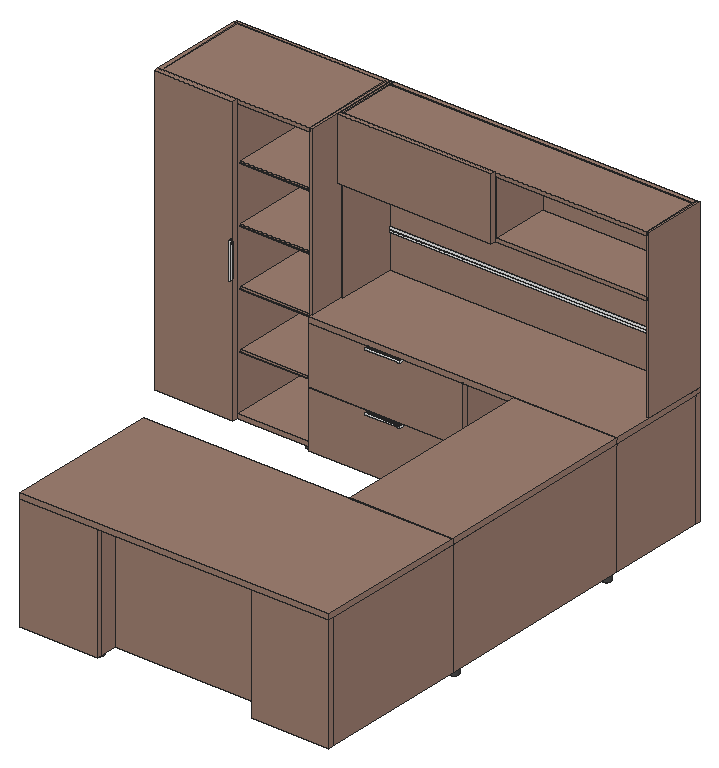
Revit family "OFS TYPICAL T100056", category Furniture, Revit 2022 (continued)
Definition of nested family "OFS APTOS Single Pedestal Breakfront Right"
  Dimensions and locks (in)
    aligned and locked: Revolve 16 to plane 47
    aligned and locked: plane 47 to Revolve 15
    aligned and locked: plane 45 to Extrusion 19
    aligned and locked: Extrusion 19 to plane 28
    aligned and locked: Extrusion 19 to plane 36
    aligned and locked: Extrusion 19 to plane 37
    aligned and locked: Extrusion 1 to plane 9
    aligned and locked: Extrusion 20 to plane 9
    aligned and locked: plane 45 to Extrusion 20
    aligned and locked: Extrusion 20 to plane 5 "Front End"
    aligned and locked: Extrusion 21 to plane 9
    aligned and locked: plane 13 to Extrusion 21
    aligned and locked: Extrusion 21 to plane 14
    aligned and locked: Extrusion 21 to plane 44
    aligned and locked: Extrusion 22 sketch curve to Extrusion 19  (x2)
    aligned and locked: Extrusion 20 sketch curve to Extrusion 20 sketch curve
    aligned and locked: Extrusion 20 sketch curve to Extrusion 19
  Automatic sketch dimensions
    Extrusion 1 sketch curve to plane 9 = 0' - 0"
    Extrusion 1 sketch curve to plane 23 = 0' - 0"
    Extrusion 1 sketch curve to plane 45 = 0' - 0"
    plane 5 "Front End" to Extrusion 2 sketch curve = 0' - 0"
    Extrusion 2 sketch curve to plane 6 "Right End" = 0' - 0"
    Extrusion 2 sketch curve to plane 10 = 0' - 0"
    plane 45 to Extrusion 2 sketch curve = 0' - 0"
    Extrusion 3 sketch curve to plane 5 "Front End" = 0' - 0"
    Extrusion 3 sketch curve to plane 31 = 0' - 0"
    Extrusion 3 sketch curve to plane 10 = 0' - 0"
    plane 45 to Extrusion 3 sketch curve = 0' - 0"
    Extrusion 4 sketch curve to plane 4 "Left End" = 0' - 0"
    Extrusion 4 sketch curve to plane 6 "Right End" = 0' - 0"
    Extrusion 4 sketch curve to plane 23 = 0' - 0"
    plane 7 "A" to Extrusion 4 sketch curve = 0' - 0"
    Extrusion 5 sketch curve to plane 5 "Front End" = 0' - 0"
    Extrusion 5 sketch curve to plane 30 = 0' - 0"
    Extrusion 5 sketch curve to plane 31 = 0' - 0"
    plane 45 to Extrusion 5 sketch curve = 0' - 0"
    Extrusion 6 sketch curve to plane 28 = 0' - 0"
    Extrusion 6 sketch curve to plane 36 = 0' - 0"
    Extrusion 6 sketch curve to plane 30 = 0' - 0"
    plane 1 "Center" to Extrusion 6 sketch curve = 0' - 0"
    plane 5 "Front End" to Extrusion 7 sketch curve = 0' - 0"
    Extrusion 7 sketch curve to plane 6 "Right End" = 0' - 0"
    plane 23 to Extrusion 7 sketch curve = 0' - 0"
    Extrusion 7 sketch curve to plane 30 = 0' - 0"
    plane 5 "Front End" to Extrusion 8 sketch curve = 0' - 0"
    Extrusion 8 sketch curve to plane 6 "Right End" = 0' - 0"
    plane 23 to Extrusion 8 sketch curve = 0' - 0"
    Extrusion 8 sketch curve to plane 30 = 0' - 0"
    Extrusion 9 sketch curve to plane 13 = 0' - 0"
    Extrusion 9 sketch curve to plane 23 = 0' - 0"
    Extrusion 9 sketch curve to plane 13 = 0' - 0.37408"
    plane 23 to Extrusion 9 sketch curve = 0' - 0.80421"
    Extrusion 9 sketch curve to Extrusion 9 sketch curve = 0' - 0.00546"
    Extrusion 9 sketch curve to Extrusion 9 sketch curve = 0' - 0.15905"  (x2)
    plane 23 to Extrusion 9 sketch curve = 0' - 0.4095"  (x2)
    Extrusion 9 sketch curve to plane 13 = 0' - 0.03843"
    plane 23 to Extrusion 9 sketch curve = 0' - 0.20556"
    plane 23 to Extrusion 9 sketch curve = 0' - 0.19887"
    Extrusion 9 sketch curve to plane 23 = 0' - 0.02468"
    Extrusion 9 sketch curve to plane 23 = 0' - 0.10528"
    Extrusion 9 sketch curve to Extrusion 9 sketch curve = 0' - 0.2612"
    Extrusion 9 sketch curve to plane 13 = 0' - 0.43678"
    Extrusion 9 sketch curve to Extrusion 9 sketch curve = 0' - 0.06095"
    Extrusion 9 sketch curve to Extrusion 9 sketch curve = 0' - 0"
    Extrusion 9 sketch curve to Extrusion 9 sketch curve = 0' - 0.01915"
    Extrusion 9 sketch curve to Extrusion 9 sketch curve = 0' - 0.18644"
    Extrusion 10 sketch curve to plane 11 = 0' - 0"
    Extrusion 10 sketch curve to plane 23 = 0' - 0"
    Extrusion 10 sketch curve to plane 11 = 0' - 0.37408"
    plane 23 to Extrusion 10 sketch curve = 0' - 0.80421"
    Extrusion 10 sketch curve to Extrusion 10 sketch curve = 0' - 0.00546"
    Extrusion 10 sketch curve to plane 11 = 0' - 0.03103"
    Extrusion 10 sketch curve to Extrusion 10 sketch curve = 0' - 0.15905"  (x2)
    plane 23 to Extrusion 10 sketch curve = 0' - 0.4095"  (x2)
    Extrusion 10 sketch curve to plane 12 = 0' - 0.27955"
    Extrusion 10 sketch curve to plane 11 = 0' - 0.03843"
    plane 23 to Extrusion 10 sketch curve = 0' - 0.19887"
    Extrusion 10 sketch curve to plane 23 = 0' - 0.02468"
    Extrusion 10 sketch curve to plane 23 = 0' - 0.10528"
    Extrusion 10 sketch curve to Extrusion 10 sketch curve = 0' - 0.2612"
    Extrusion 10 sketch curve to Extrusion 10 sketch curve = 0' - 0.40575"
    Extrusion 10 sketch curve to Extrusion 10 sketch curve = 0' - 0.06095"
    Extrusion 10 sketch curve to Extrusion 10 sketch curve = 0' - 0"
    Extrusion 10 sketch curve to Extrusion 10 sketch curve = 0' - 0.01915"
    Revolve 11 sketch curve to plane 14 = 0' - 0"
    Revolve 11 sketch curve to level = 0' - 0"
    level to Revolve 11 sketch curve = 0' - 0.28743"
    Revolve 11 sketch curve to plane 1 "Center" = 0' - 1"
    Revolve 11 sketch curve to Revolve 11 sketch curve = 0' - 0 1/2"  (x3)
    Revolve 11 sketch curve to Revolve 11 sketch curve = 0' - 0"  (x3)
    Revolve 11 sketch curve to plane 15 = 0' - 0 1/4"
    Revolve 12 sketch curve to plane 14 = 0' - 0"
    Revolve 12 sketch curve to level = 0' - 0"
    Revolve 12 sketch curve to plane 18 = 0' - 0"  (x2)
    level to Revolve 12 sketch curve = 0' - 0.28743"
    Revolve 12 sketch curve to Revolve 12 sketch curve = 0' - 0 1/2"  (x2)
    Revolve 12 sketch curve to plane 16 = 0' - 0 1/4"
    Revolve 12 sketch curve to Revolve 12 sketch curve = 0' - 0"
    level to Revolve 12 sketch curve = 0' - 0.14371"
    Revolve 12 sketch curve to plane 15 = 0' - 0 1/4"
    Revolve 13 sketch curve to plane 17 = 0' - 0"
    Revolve 13 sketch curve to level = 0' - 0"
    Revolve 13 sketch curve to plane 14 = 0' - 0"
    level to Revolve 13 sketch curve = 0' - 0.28743"
    Revolve 13 sketch curve to plane 17 = 0' - 0 1/2"
    Revolve 13 sketch curve to Revolve 13 sketch curve = 0' - 0 1/2"  (x2)
    Revolve 13 sketch curve to Revolve 13 sketch curve = 0' - 0"  (x2)
    level to Revolve 13 sketch curve = 0' - 0.14371"
    Revolve 13 sketch curve to plane 15 = 0' - 0 1/4"
    Revolve 14 sketch curve to plane 14 = 0' - 0"
    Revolve 14 sketch curve to level = 0' - 0"
    Revolve 14 sketch curve to plane 18 = 0' - 0"  (x2)
    level to Revolve 14 sketch curve = 0' - 0.28743"
    Revolve 14 sketch curve to Revolve 14 sketch curve = 0' - 0 1/2"  (x3)
    Revolve 14 sketch curve to Revolve 14 sketch curve = 0' - 0"  (x2)
    Revolve 14 sketch curve to plane 15 = 0' - 0 1/4"
    Revolve 15 sketch curve to plane 14 = 0' - 0"
    Revolve 15 sketch curve to level = 0' - 0"
    level to Revolve 15 sketch curve = 0' - 0.28743"
    Revolve 15 sketch curve to plane 1 "Center" = 0' - 1"
    Revolve 15 sketch curve to Revolve 15 sketch curve = 0' - 0 1/2"  (x3)
    Revolve 15 sketch curve to Revolve 15 sketch curve = 0' - 0"  (x2)
    Revolve 15 sketch curve to Revolve 15 sketch curve = 0' - 0.14371"
    Revolve 15 sketch curve to plane 15 = 0' - 0 1/4"
    Revolve 16 sketch curve to plane 14 = 0' - 0"
    Revolve 16 sketch curve to level = 0' - 0"
    Revolve 16 sketch curve to plane 18 = 0' - 0"  (x2)
    level to Revolve 16 sketch curve = 0' - 0.28743"
    plane 18 to Revolve 16 sketch curve = 0' - 0 1/2"
    Revolve 16 sketch curve to plane 16 = 0' - 0 1/4"
    Revolve 16 sketch curve to Revolve 16 sketch curve = 0' - 0"  (x2)
    Revolve 16 sketch curve to plane 15 = 0' - 0 1/4"
    Revolve 16 sketch curve to level = 0' - 0 1/2"
    Extrusion 17 sketch curve to plane 4 "Left End" = 0' - 0"
    Extrusion 17 sketch curve to plane 36 = 0' - 0"
    Extrusion 17 sketch curve to plane 45 = 0' - 0"
    plane 7 "A" to Extrusion 17 sketch curve = 0' - 0"
    Extrusion 18 sketch curve to plane 30 = 0' - 0"
    Extrusion 18 sketch curve to plane 6 "Right End" = 0' - 0"
    plane 45 to Extrusion 18 sketch curve = 0' - 0"
    plane 7 "A" to Extrusion 18 sketch curve = 0' - 0"
    Extrusion 19 sketch curve to plane 28 = 0' - 0"
    Extrusion 19 sketch curve to plane 36 = 0' - 0"
    Extrusion 19 sketch curve to plane 37 = 0' - 0"
    Extrusion 19 sketch curve to plane 45 = 0' - 0"
    Extrusion 21 sketch curve to plane 5 "Front End" = 0' - 0"
    Extrusion 21 sketch curve to plane 44 = 0' - 0"
    Extrusion 21 sketch curve to plane 9 = 0' - 0"
    Extrusion 21 sketch curve to plane 23 = 0' - 0"
    Extrusion 22 sketch curve to plane 9 = 0' - 0"
    Extrusion 22 sketch curve to plane 5 "Front End" = 0' - 0"
    Extrusion 22 sketch curve to plane 44 = 0' - 0"
    Extrusion 22 sketch curve to plane 28 = 0' - 0"
    Extrusion 20 sketch curve to plane 9 = 0' - 0"
    Extrusion 20 sketch curve to plane 5 "Front End" = 0' - 0"
    Extrusion 20 sketch curve to plane 45 = 0' - 0"
    Extrusion 20 sketch curve to plane 44 = 0' - 0"
    Extrusion 20 sketch curve to plane 28 = 0' - 0"
Definition of nested family "APTOS TALL OPEN STORAGE WITH HINGED DOOR 24IN DEPTH"
  Parameters (values of type "APTOS TALL OPEN STORAGE WITH HINGED DOOR 36" Wide 24" Planning Depth Single Hinged Door Right")
    Width = 3' - 0"
    URL = "http://ofsbrands.com"
    Handle Lengh = 0' - 8 1/4"
    Half Door Right = yes
    Half Door Left = no
    Half Door = yes
    Door Handle Material = none
    Default Elevation = 0' - 0"
    Board Thick Door = 0' - 1 1/8"
    Depth = 1' - 11 7/8"
    Board Material = none
    Model = "34-3668RSC1"
    Manufacturer = "OFS"
    Leg Caps Material = none
    Leg Offset = 0' - 2"
    Board Thick Internal = 0' - 0 3/4"
    Height = 5' - 8 1/4"
    Description = "OFS BRANDS OFS APTOS TALL OPEN STORAGE WITH HINGED DOOR 36\" Wide 24\" Planning Depth Single Hinged Door Right with Optional Pull, Coat Hook or Hang Rod,Three Adjustable 1\" Thick Shelves with Beveled Edge and One Fixed Shelf per Section"
    Copyright © = "© OFS BRANDS 2017"
    Catalog = "APTOS http://ofsbrands.com/products/casegoods/private-office/aptos"
    Bottom Board Offset = 0' - 1 1/2"
    Board Thick Top and Bot = 0' - 1"
    Board Thick Shelfs = 0' - 1"
    Board Thick Sides = 0' - 0 3/4"
    Board Thick Front = 0' - 0 3/4"
    Board Thick Back = 0' - 0 3/4"
    Authoring Version = "Autodesk Revit Architecture 2013"
    Assembly Code = "E2020200"
  Types (7): name | Width | Half Door Right | Half Door Left | Model | Description
    (no name) | 3' - 0" | yes | no | "34-3668RSC1" | "OFS BRANDS OFS APTOS TALL OPEN STORAGE WITH HINGED DOOR 36\" Wide 24\" Planning Depth Single Hinged Door Right with Optional Pull, Coat Hook or Hang Rod,Three Adjustable 1\" Thick Shelves with Beveled Edge and One Fixed Shelf per Section"
    APTOS TALL OPEN STORAGE WITH HINGED DOOR 36" Wide 24" Planning Depth Single Hinged Door Left | 3' - 0" | no | yes | "34-3668LSC1" | "OFS BRANDS OFS APTOS TALL OPEN STORAGE WITH HINGED DOOR 36\" Wide 24\" Planning Depth Single Hinged Door Left with Optional Pull, Coat Hook or Hang Rod,Three Adjustable 1\" Thick Shelves with Beveled Edge and One Fixed Shelf per Section"
    APTOS TALL OPEN STORAGE WITH HINGED DOOR 30" Wide 24" Planning Depth Single Hinged Door Left | 2' - 6" | no | yes | "34-3068LSC1" | "OFS BRANDS OFS APTOS TALL OPEN STORAGE WITH HINGED DOOR 30\" Wide 24\" Planning Depth Single Hinged Door Left with Optional Pull, Coat Hook or Hang Rod,Three Adjustable 1\" Thick Shelves with Beveled Edge and One Fixed Shelf per Section"
    APTOS TALL OPEN STORAGE WITH HINGED DOOR 24" Wide 24" Planning Depth Single Hinged Door Left | 2' - 0" | no | yes | "34-2468LSC1" | "OFS BRANDS OFS APTOS TALL OPEN STORAGE WITH HINGED DOOR 24\" Wide 24\" Planning Depth Single Hinged Door Left with Optional Pull, Coat Hook or Hang Rod,Three Adjustable 1\" Thick Shelves with Beveled Edge and One Fixed Shelf per Section"
    APTOS TALL OPEN STORAGE WITH HINGED DOOR 36" Wide 24" Planning Depth Single Hinged Door Right | 3' - 0" | yes | no | "34-3668RSC1" | "OFS BRANDS OFS APTOS TALL OPEN STORAGE WITH HINGED DOOR 36\" Wide 24\" Planning Depth Single Hinged Door Right with Optional Pull, Coat Hook or Hang Rod,Three Adjustable 1\" Thick Shelves with Beveled Edge and One Fixed Shelf per Section"
    APTOS TALL OPEN STORAGE WITH HINGED DOOR 30" Wide 24" Planning Depth Single Hinged Door Right | 2' - 6" | yes | no | "34-3068RSC1" | "OFS BRANDS OFS APTOS TALL OPEN STORAGE WITH HINGED DOOR 30\" Wide 24\" Planning Depth Single Hinged Door Right with Optional Pull, Coat Hook or Hang Rod,Three Adjustable 1\" Thick Shelves with Beveled Edge and One Fixed Shelf per Section"
    APTOS TALL OPEN STORAGE WITH HINGED DOOR 24" Wide 24" Planning Depth Single Hinged Door Right | 2' - 0" | yes | no | "34-2468RSC1" | "OFS BRANDS OFS APTOS TALL OPEN STORAGE WITH HINGED DOOR 24\" Wide 24\" Planning Depth Single Hinged Door Right with Optional Pull, Coat Hook or Hang Rod,Three Adjustable 1\" Thick Shelves with Beveled Edge and One Fixed Shelf per Section"
  Reference planes (in)
    plane 1 "Center Front/Back": y = 0
    plane 2: z = 0
    plane 3 "Center Left/Right": x = 0
    plane 4 "Left End": x = -18
    plane 5 "Front End": y = -22.75
    plane 6 "Right End": x = 18
    plane 7 "Back End": y = 0
    plane 8 "Height Top": z = 68.25
    plane 9: x = -17.25
    plane 10: x = 17.25
    plane 11: z = 14.65
    plane 12: z = 15.65
    plane 13: z = 67.25
    plane 14: z = 1.5
    plane 15: z = 2.5
    plane 16: y = -22
    plane 17: y = -2
    plane 18: y = -2
    plane 19: y = -20.75
    plane 20: y = -20.75
    plane 21: x = -16
    plane 22: x = 16
    plane 23: x = 16
    plane 24: x = -16
    plane 25: x = -0.375
    plane 26: x = 0.375
    plane 27: y = -23.875
    plane 28: y = -0.75
    plane 29: z = 27.8
    plane 30: z = 28.8
    plane 31: z = 40.95
    plane 32: z = 41.95
    plane 33: z = 54.1
    plane 34: z = 55.1
  Forms (in)
    Extrusion 1, solid, material <- "Board Material"
      sketch origin (0, 0, 0) x (1, 0, 0) y (0, 1, 0)
        loop
          line (-18, -0.75) -> (-18, -22.75) -> (-17.25, -22.75) -> (-17.25, -0.75) -> (-18, -0.75)
      from 1.5 to 68.25
    Extrusion 2, solid, material <- "Board Material"
      sketch origin (0, 0, 0) x (-1, 0, 0) y (0, -1, 0)
        loop
          line (-18, 0.75) -> (-17.25, 0.75) -> (-17.25, 22.75) -> (-18, 22.75) -> (-18, 0.75)
      from 1.5 to 68.25
    Extrusion 3, solid, material <- "Board Material"
      sketch origin (0, 0, 0) x (1, 0, 0) y (0, 1, 0)
        loop
          line (-17.25, -0.75) -> (-17.25, -22.75) -> (17.25, -22.75) -> (17.25, -0.75) -> (-17.25, -0.75)
      from 1.5 to 2.5
    Extrusion 4, solid, material <- "Board Material"
      sketch origin (0, 0, 0) x (1, 0, 0) y (0, 1, 0)
        loop
          line (-17.25, -0.75) -> (-17.25, -22.75) -> (17.25, -22.75) -> (17.25, -0.75) -> (-17.25, -0.75)
      from 67.25 to 68.25
    Revolve 5, solid, material <- "Leg Caps Material"
      sketch origin (0, -2, 0) x (-1, 0, 0) y (0, 0, 1)
        loop
          line (15, 0.28743) -> (15.5, 0.28743)
          arc (15.5, 0.28743) -> (15.35629, 0.14371) -> (15.5, 0) r 0.14371
          line (15.5, 0) -> (16, 0) -> (16, 1.5) -> (15, 1.5) -> (15, 0.28743)
        axis (16, 1.5) -> (16, 0)
      angle from 0 to 360
    Revolve 6, solid, material <- "Leg Caps Material"
      sketch origin (0, -2, 0) x (1, 0, 0) y (0, 0, -1)
        loop
          line (15, -0.28743) -> (15, -1.5) -> (16, -1.5) -> (16, 0) -> (15.5, 0)
          arc (15.5, 0) -> (15.35629, -0.14371) -> (15.5, -0.28743) r 0.14371
          line (15.5, -0.28743) -> (15, -0.28743)
        axis (16, -1.5) -> (16, 0)
      angle from 0 to 360
    Revolve 7, solid, material <- "Leg Caps Material"
      sketch origin (0, -20.75, 0) x (-1, 0, 0) y (0, 0, -1)
        loop
          line (15, -0.28743) -> (15, -1.5) -> (16, -1.5) -> (16, 0) -> (15.5, 0)
          arc (15.5, 0) -> (15.35629, -0.14371) -> (15.5, -0.28743) r 0.14371
          line (15.5, -0.28743) -> (15, -0.28743)
        axis (16, -1.5) -> (16, 0)
      angle from 0 to 360
    Revolve 8, solid, material <- "Leg Caps Material"
      sketch origin (0, -20.75, 0) x (1, 0, 0) y (0, 0, 1)
        loop
          line (15, 0.28743) -> (15.5, 0.28743)
          arc (15.5, 0.28743) -> (15.35629, 0.14371) -> (15.5, 0) r 0.14371
          line (15.5, 0) -> (16, 0) -> (16, 1.5) -> (15, 1.5) -> (15, 0.28743)
        axis (16, 1.5) -> (16, 0)
      angle from 0 to 360
    Extrusion 9, solid, material <- "Board Material"
      sketch origin (0, 0, 0) x (1, 0, 0) y (0, 1, 0)
        loop
          line (-0.375, -0.75) -> (-0.375, -22.75) -> (0.375, -22.75) -> (0.375, -0.75) -> (-0.375, -0.75)
      from 2.5 to 67.25
    Extrusion 10, solid, material <- "Board Material", visible <- "Half Door Left"
      sketch origin (0, 0, 0) x (1, 0, 0) y (0, 1, 0)
        loop
          line (0.375, -22.75) -> (-18, -22.75) -> (-18, -23.875) -> (0.375, -23.875) -> (0.375, -22.75)
      from 1.5 to 68.25
    Extrusion 11, solid, material <- "Board Material"
      sketch origin (0, 27.875, 0) x (1, 0, 0) y (0, 1, 0)
        loop
          line (-18, -27.875) -> (-18, -28.625) -> (18, -28.625) -> (18, -27.875) -> (-18, -27.875)
      from 1.5 to 68.25
    Extrusion 12, solid, material <- "Board Material", visible <- "Half Door Right"
      sketch origin (0, 0, -0.0375) x (0, 1, 0) y (0, 0, 1)
        loop
          line (-0.75, 15.6875) -> (-22, 15.6875) -> (-22, 15.1875) -> (-21.5, 14.6875) -> (-0.75, 14.6875) -> (-0.75, 15.6875)
      from -17.25 to -0.375
    Extrusion 13, solid, material <- "Board Material", visible <- "Half Door Right"
      sketch origin (0, 0, 0) x (1, 0, 0) y (0, 1, 0)
        loop
          line (18, -22.75) -> (-0.375, -22.75) -> (-0.375, -23.875) -> (18, -23.875) -> (18, -22.75)
      from 1.5 to 68.25
    Extrusion 14, solid, material <- "Board Material", visible <- "Half Door Left"
      sketch origin (0, 0, -0.0375) x (0, 1, 0) y (0, 0, 1)
        loop
          line (-0.75, 15.6875) -> (-22, 15.6875) -> (-22, 15.1875) -> (-21.5, 14.6875) -> (-0.75, 14.6875) -> (-0.75, 15.6875)
      from 0.375 to 17.25
    Extrusion 15, solid, material <- "Board Material", visible <- "Half Door Right"
      sketch origin (0, 0, 13.1125) x (0, 1, 0) y (0, 0, 1)
        loop
          line (-0.75, 15.6875) -> (-22, 15.6875) -> (-22, 15.1875) -> (-21.5, 14.6875) -> (-0.75, 14.6875) -> (-0.75, 15.6875)
      from -17.25 to -0.375
    Extrusion 16, solid, material <- "Board Material", visible <- "Half Door Left"
      sketch origin (0, 0, 13.1125) x (0, 1, 0) y (0, 0, 1)
        loop
          line (-0.75, 15.6875) -> (-22, 15.6875) -> (-22, 15.1875) -> (-21.5, 14.6875) -> (-0.75, 14.6875) -> (-0.75, 15.6875)
      from 0.375 to 17.25
    Extrusion 17, solid, material <- "Board Material", visible <- "Half Door Right"
      sketch origin (0, 0, 26.2625) x (0, 1, 0) y (0, 0, 1)
        loop
          line (-0.75, 15.6875) -> (-22, 15.6875) -> (-22, 15.1875) -> (-21.5, 14.6875) -> (-0.75, 14.6875) -> (-0.75, 15.6875)
      from -17.25 to -0.375
    Extrusion 18, solid, material <- "Board Material", visible <- "Half Door Left"
      sketch origin (0, 0, 26.2625) x (0, 1, 0) y (0, 0, 1)
        loop
          line (-0.75, 15.6875) -> (-22, 15.6875) -> (-22, 15.1875) -> (-21.5, 14.6875) -> (-0.75, 14.6875) -> (-0.75, 15.6875)
      from 0.375 to 17.25
    Extrusion 19, solid, material <- "Board Material", visible <- "Half Door Right"
      sketch origin (0, 0, 39.4125) x (0, 1, 0) y (0, 0, 1)
        loop
          line (-0.75, 15.6875) -> (-22, 15.6875) -> (-22, 15.1875) -> (-21.5, 14.6875) -> (-0.75, 14.6875) -> (-0.75, 15.6875)
      from -17.25 to -0.375
    Extrusion 20, solid, material <- "Board Material", visible <- "Half Door Left"
      sketch origin (0, 0, 39.4125) x (0, 1, 0) y (0, 0, 1)
        loop
          line (-0.75, 15.6875) -> (-22, 15.6875) -> (-22, 15.1875) -> (-21.5, 14.6875) -> (-0.75, 14.6875) -> (-0.75, 15.6875)
      from 0.375 to 17.25
    Extrusion 21, solid, material <- "Door Handle Material", visible <- "Half Door Left"
      sketch origin (-1.27047, -3, 0) x (1, 0, 0) y (0, 1, 0)
        loop
          arc (1.27755, -21.67707) -> (1.46398, -21.8635) -> (1.65042, -21.67707) r 0.18644
          arc (1.65042, -21.67707) -> (1.63824, -21.56084) -> (1.60223, -21.44966) r 0.56062
          arc (1.60223, -21.44966) -> (1.56017, -21.1973) -> (1.64547, -20.95609) r 0.512
          line (1.64547, -20.95609) -> (1.64547, -20.875) -> (1.28249, -20.875) -> (1.28249, -20.95609)
          arc (1.28249, -20.95609) -> (1.36779, -21.1973) -> (1.32574, -21.44966) r 0.512
          arc (1.32574, -21.44966) -> (1.28973, -21.56084) -> (1.27755, -21.67707) r 0.56062
      from 31.17725 to 39.4335
    Extrusion 22, solid, material <- "Door Handle Material", visible <- "Half Door Right"
      sketch origin (1.27047, -3, 0) x (-1, 0, 0) y (0, -1, 0)
        loop
          arc (1.27755, 21.67707) -> (1.28973, 21.56084) -> (1.32574, 21.44966) r 0.56062
          arc (1.32574, 21.44966) -> (1.36779, 21.1973) -> (1.28249, 20.95609) r 0.512
          line (1.28249, 20.95609) -> (1.28249, 20.875) -> (1.64547, 20.875) -> (1.64547, 20.95609)
          arc (1.64547, 20.95609) -> (1.56017, 21.1973) -> (1.60223, 21.44966) r 0.512
          arc (1.60223, 21.44966) -> (1.63824, 21.56084) -> (1.65042, 21.67707) r 0.56062
          arc (1.65042, 21.67707) -> (1.46398, 21.8635) -> (1.27755, 21.67707) r 0.18644
      from 31.17725 to 39.4335
  Dimensions and locks (in)
    equal spacing: plane 4 "Left End", plane 3 "Center Left/Right", plane 6 "Right End"
    "Width": plane 4 "Left End" to plane 6 "Right End"
    "Height": plane 8 "Height Top" to level
    "Board Thick Sides": plane 4 "Left End" to plane 9
    "Board Thick Sides": plane 10 to plane 6 "Right End"
    "Board Thick Top and Bot": plane 8 "Height Top" to plane 13
    "Board Thick Shelfs": plane 12 to plane 11
    "Board Thick Top and Bot": plane 15 to plane 14
    "Bottom Board Offset": plane 14 to level
    "Board Thick Front": plane 16 to plane 5 "Front End"
    "Leg Offset": plane 19 to plane 5 "Front End"
    "Leg Offset": plane 20 to plane 5 "Front End"
    "Leg Offset": plane 17 to plane 7 "Back End"
    "Leg Offset": plane 18 to plane 7 "Back End"
    "Leg Offset": plane 4 "Left End" to plane 21
    "Leg Offset": plane 22 to plane 6 "Right End"
    "Leg Offset": plane 23 to plane 6 "Right End"
    "Leg Offset": plane 4 "Left End" to plane 24
    "Board Thick Internal": plane 25 to plane 26
    "Board Thick Door": plane 27 to plane 5 "Front End"
    "Board Thick Back": plane 28 to plane 1 "Center Front/Back"
    "Depth": plane 27 to plane 1 "Center Front/Back"
    equal spacing: plane 25, plane 3 "Center Left/Right", plane 26
    "Board Thick Shelfs": plane 30 to plane 29
    "Board Thick Shelfs": plane 32 to plane 31
    "Board Thick Shelfs": plane 34 to plane 33
    equal spacing: plane 8 "Height Top", plane 34, plane 32, plane 30, plane 12, plane 15
    aligned and locked: level to plane 2
    aligned and locked: plane 5 "Front End" to Extrusion 1 sketch curve
    aligned and locked: plane 4 "Left End" to Extrusion 1 sketch curve
    aligned and locked: Extrusion 1 sketch curve to plane 9
    aligned and locked: Extrusion 2 to plane 5 "Front End"
    aligned and locked: plane 10 to Extrusion 2
    aligned and locked: Extrusion 2 to plane 6 "Right End"
    aligned and locked: plane 14 to Extrusion 2
    aligned and locked: plane 10 to Extrusion 3 sketch curve
    aligned and locked: Extrusion 3 sketch curve to plane 9
    aligned and locked: plane 18 to Revolve 5
    aligned and locked: Revolve 6 to plane 17
    aligned and locked: plane 20 to Revolve 8
    aligned and locked: Revolve 7 to plane 19
    aligned and locked: Extrusion 9 sketch curve to plane 25
    aligned and locked: plane 26 to Extrusion 9 sketch curve
    aligned and locked: Extrusion 9 to plane 5 "Front End"
    aligned and locked: Extrusion 10 sketch curve to plane 27
    aligned and locked: plane 5 "Front End" to Extrusion 10 sketch curve
    aligned and locked: Extrusion 10 sketch curve to plane 4 "Left End"
    aligned and locked: Extrusion 10 to plane 26
    aligned and locked: Extrusion 11 to plane 4 "Left End"
    aligned and locked: Extrusion 11 to plane 6 "Right End"
    aligned and locked: Extrusion 11 to plane 14
    aligned and locked: plane 12 to Extrusion 12
    aligned and locked: Extrusion 12 to plane 11
    aligned and locked: plane 16 to Extrusion 12
    aligned and locked: Extrusion 3 to plane 15
    aligned and locked: Extrusion 10 to plane 14
    aligned and locked: Extrusion 3 to plane 14
    aligned and locked: Extrusion 9 to plane 15
    aligned and locked: plane 13 to Extrusion 9
    aligned and locked: plane 8 "Height Top" to Extrusion 4
    aligned and locked: Extrusion 4 to plane 13
    aligned and locked: Extrusion 12 to plane 9
    aligned and locked: Extrusion 12 to plane 25
    aligned and locked: Extrusion 13 to plane 25
    aligned and locked: Extrusion 13 to plane 6 "Right End"
    aligned and locked: Extrusion 13 to plane 14
    aligned and locked: Extrusion 14 to plane 10
    aligned and locked: Extrusion 14 sketch curve to plane 12
    aligned and locked: plane 11 to Extrusion 14 sketch curve
    aligned and locked: Extrusion 14 sketch curve to plane 16
    aligned and locked: plane 26 to Extrusion 14
    aligned and locked: Extrusion 11 to plane 28
    aligned and locked: Extrusion 11 to plane 1 "Center Front/Back"
    aligned and locked: Extrusion 14 to plane 28
    aligned and locked: plane 28 to Extrusion 12
    aligned and locked: plane 28 to Extrusion 9
    aligned and locked: Extrusion 1 to plane 14
    aligned and locked: plane 30 to Extrusion 15
    aligned and locked: Extrusion 15 to plane 29
    aligned and locked: Extrusion 16 sketch curve to plane 30
    aligned and locked: plane 29 to Extrusion 16 sketch curve
    aligned and locked: plane 32 to Extrusion 17
    aligned and locked: Extrusion 17 to plane 31
    aligned and locked: Extrusion 18 sketch curve to plane 32
    aligned and locked: plane 31 to Extrusion 18 sketch curve
    aligned and locked: plane 34 to Extrusion 19
    aligned and locked: Extrusion 19 to plane 33
    aligned and locked: Extrusion 20 sketch curve to plane 34
    aligned and locked: plane 33 to Extrusion 20 sketch curve
    aligned and locked: plane 26 to Extrusion 16
    aligned and locked: plane 26 to Extrusion 18
    aligned and locked: plane 26 to Extrusion 20
    aligned and locked: plane 25 to Extrusion 19
    aligned and locked: plane 25 to Extrusion 17
    aligned and locked: plane 25 to Extrusion 15
    aligned and locked: Extrusion 16 to plane 10
    aligned and locked: Extrusion 18 to plane 10
    aligned and locked: Extrusion 20 to plane 10
    aligned and locked: Extrusion 19 to plane 9
    aligned and locked: Extrusion 17 to plane 9
    aligned and locked: Extrusion 15 to plane 9
    aligned and locked: plane 28 to Extrusion 1
    aligned and locked: Extrusion 2 to plane 28
    aligned and locked: plane 8 "Height Top" to Extrusion 11
    aligned and locked: Extrusion 4 to plane 9
    aligned and locked: Extrusion 4 to plane 10
    aligned and locked: Extrusion 4 to plane 28
    aligned and locked: Extrusion 4 to plane 5 "Front End"
    aligned and locked: plane 8 "Height Top" to Extrusion 13
    aligned and locked: plane 8 "Height Top" to Extrusion 10
    aligned and locked: plane 8 "Height Top" to Extrusion 2
    aligned and locked: plane 8 "Height Top" to Extrusion 1
    aligned and locked: Extrusion 3 to plane 28
  Automatic sketch dimensions
    Extrusion 1 sketch curve to plane 28 = 0' - 0"
    Extrusion 2 sketch curve to plane 5 "Front End" = 0' - 0"
    Extrusion 2 sketch curve to plane 6 "Right End" = 0' - 0"
    Extrusion 2 sketch curve to plane 10 = 0' - 0"
    plane 28 to Extrusion 2 sketch curve = 0' - 0"
    Extrusion 3 sketch curve to plane 5 "Front End" = 0' - 0"
    Extrusion 3 sketch curve to plane 28 = 0' - 0"
    Extrusion 4 sketch curve to plane 5 "Front End" = 0' - 0"
    Extrusion 4 sketch curve to plane 9 = 0' - 0"
    Extrusion 4 sketch curve to plane 10 = 0' - 0"
    Extrusion 4 sketch curve to plane 28 = 0' - 0"
    Revolve 5 sketch curve to plane 14 = 0' - 0"
    Revolve 5 sketch curve to level = 0' - 0"
    plane 21 to Revolve 5 sketch curve = 0' - 0"  (x2)
    level to Revolve 5 sketch curve = 0' - 0.28743"
    Revolve 5 sketch curve to Revolve 5 sketch curve = 0' - 0 1/2"  (x3)
    Revolve 5 sketch curve to Revolve 5 sketch curve = 0' - 0"
    level to Revolve 5 sketch curve = 0' - 0.14371"
    Revolve 5 sketch curve to plane 15 = 0' - 0 1/4"
    Revolve 6 sketch curve to plane 14 = 0' - 0"
    Revolve 6 sketch curve to level = 0' - 0"
    Revolve 6 sketch curve to plane 22 = 0' - 0"  (x2)
    level to Revolve 6 sketch curve = 0' - 0.28743"
    Revolve 6 sketch curve to plane 22 = 0' - 0 1/2"
    Revolve 6 sketch curve to Revolve 6 sketch curve = 0' - 0 1/2"
    Revolve 6 sketch curve to Revolve 6 sketch curve = 0' - 0"  (x2)
    Revolve 6 sketch curve to plane 15 = 0' - 0 1/4"
    Revolve 6 sketch curve to level = 0' - 0 1/2"
    Revolve 7 sketch curve to plane 14 = 0' - 0"
    Revolve 7 sketch curve to level = 0' - 0"
    plane 21 to Revolve 7 sketch curve = 0' - 0"  (x2)
    level to Revolve 7 sketch curve = 0' - 0.28743"
    Revolve 7 sketch curve to plane 21 = 0' - 0 1/2"
    Revolve 7 sketch curve to Revolve 7 sketch curve = 0' - 0 1/2"
    Revolve 7 sketch curve to Revolve 7 sketch curve = 0' - 0"  (x2)
    Revolve 7 sketch curve to plane 15 = 0' - 0 1/4"
    Revolve 7 sketch curve to level = 0' - 0 1/2"
    Revolve 8 sketch curve to plane 14 = 0' - 0"
    Revolve 8 sketch curve to level = 0' - 0"
    Revolve 8 sketch curve to plane 22 = 0' - 0"  (x2)
    level to Revolve 8 sketch curve = 0' - 0.28743"
    Revolve 8 sketch curve to plane 22 = 0' - 0 1/2"
    Revolve 8 sketch curve to Revolve 8 sketch curve = 0' - 0 1/2"  (x2)
    Revolve 8 sketch curve to Revolve 8 sketch curve = 0' - 0"
    level to Revolve 8 sketch curve = 0' - 0.14371"
    Revolve 8 sketch curve to plane 15 = 0' - 0 1/4"
    Extrusion 9 sketch curve to plane 5 "Front End" = 0' - 0"
    Extrusion 9 sketch curve to plane 28 = 0' - 0"
    Extrusion 10 sketch curve to plane 26 = 0' - 0"
    Extrusion 11 sketch curve to plane 4 "Left End" = 0' - 0"
    Extrusion 11 sketch curve to plane 6 "Right End" = 0' - 0"
    Extrusion 11 sketch curve to plane 28 = 0' - 0"
    plane 1 "Center Front/Back" to Extrusion 11 sketch curve = 0' - 0"
    Extrusion 12 sketch curve to plane 12 = 0' - 0"
    Extrusion 12 sketch curve to plane 16 = 0' - 0"
    Extrusion 12 sketch curve to plane 11 = 0' - 0"
    Extrusion 12 sketch curve to plane 28 = 0' - 0"
    plane 11 to Extrusion 12 sketch curve = 0' - 0 1/2"
    Extrusion 12 sketch curve to plane 16 = 0' - 0 1/2"
    Extrusion 13 sketch curve to plane 5 "Front End" = 0' - 0"
    Extrusion 13 sketch curve to plane 25 = 0' - 0"
    Extrusion 13 sketch curve to plane 6 "Right End" = 0' - 0"
    plane 27 to Extrusion 13 sketch curve = 0' - 0"
    Extrusion 14 sketch curve to plane 28 = 0' - 0"
    plane 11 to Extrusion 14 sketch curve = 0' - 0 1/2"
    Extrusion 14 sketch curve to plane 16 = 0' - 0 1/2"
    Extrusion 15 sketch curve to plane 16 = 0' - 0"
    Extrusion 15 sketch curve to plane 29 = 0' - 0"
    Extrusion 15 sketch curve to plane 28 = 0' - 0"
    Extrusion 15 sketch curve to plane 30 = 0' - 0"
    Extrusion 15 sketch curve to plane 16 = 0' - 0 1/2"
    plane 29 to Extrusion 15 sketch curve = 0' - 0 1/2"
    Extrusion 16 sketch curve to plane 16 = 0' - 0"
    Extrusion 16 sketch curve to plane 28 = 0' - 0"
    plane 29 to Extrusion 16 sketch curve = 0' - 0 1/2"
    Extrusion 16 sketch curve to plane 16 = 0' - 0 1/2"
    Extrusion 17 sketch curve to plane 16 = 0' - 0"
    Extrusion 17 sketch curve to plane 31 = 0' - 0"
    Extrusion 17 sketch curve to plane 28 = 0' - 0"
    Extrusion 17 sketch curve to plane 32 = 0' - 0"
    Extrusion 17 sketch curve to plane 16 = 0' - 0 1/2"
    plane 31 to Extrusion 17 sketch curve = 0' - 0 1/2"
    Extrusion 18 sketch curve to plane 16 = 0' - 0"
    Extrusion 18 sketch curve to plane 28 = 0' - 0"
    plane 31 to Extrusion 18 sketch curve = 0' - 0 1/2"
    Extrusion 18 sketch curve to plane 16 = 0' - 0 1/2"
    Extrusion 19 sketch curve to plane 16 = 0' - 0"
    Extrusion 19 sketch curve to plane 33 = 0' - 0"
    Extrusion 19 sketch curve to plane 28 = 0' - 0"
    Extrusion 19 sketch curve to plane 34 = 0' - 0"
    Extrusion 19 sketch curve to plane 16 = 0' - 0 1/2"
    plane 33 to Extrusion 19 sketch curve = 0' - 0 1/2"
    Extrusion 20 sketch curve to plane 16 = 0' - 0"
    Extrusion 20 sketch curve to plane 28 = 0' - 0"
    plane 33 to Extrusion 20 sketch curve = 0' - 0 1/2"
    Extrusion 20 sketch curve to plane 16 = 0' - 0 1/2"
    plane 27 to Extrusion 21 sketch curve = 0' - 0"
    Extrusion 21 sketch curve to plane 26 = 0' - 0"
    plane 3 "Center Left/Right" to Extrusion 21 sketch curve = 0' - 0.01203"
    plane 27 to Extrusion 21 sketch curve = 0' - 0.08109"
    Extrusion 21 sketch curve to plane 25 = 0' - 0.03772"
    Extrusion 21 sketch curve to plane 3 "Center Left/Right" = 0' - 0.18068"
    plane 3 "Center Left/Right" to Extrusion 21 sketch curve = 0' - 0.00708"
    Extrusion 21 sketch curve to Extrusion 21 sketch curve = 0' - 0"  (x4)
    plane 3 "Center Left/Right" to Extrusion 21 sketch curve = 0' - 0.05527"
    plane 26 to Extrusion 21 sketch curve = 0' - 0.18149"
    plane 26 to Extrusion 21 sketch curve = 0' - 0.04324"
    Extrusion 21 sketch curve to Extrusion 21 sketch curve = 0' - 0.18775"
    plane 27 to Extrusion 21 sketch curve = 0' - 0.36698"
    plane 27 to Extrusion 22 sketch curve = 0' - 0"
    Extrusion 22 sketch curve to plane 25 = 0' - 0"
    plane 27 to Extrusion 22 sketch curve = 0' - 0.08109"
    Extrusion 22 sketch curve to plane 3 "Center Left/Right" = 0' - 0.01203"
    Extrusion 22 sketch curve to plane 26 = 0' - 0.03772"
    plane 3 "Center Left/Right" to Extrusion 22 sketch curve = 0' - 0.18068"
    Extrusion 22 sketch curve to plane 3 "Center Left/Right" = 0' - 0.00708"
    Extrusion 22 sketch curve to Extrusion 22 sketch curve = 0' - 0"  (x4)
    Extrusion 22 sketch curve to plane 3 "Center Left/Right" = 0' - 0.05527"
    plane 25 to Extrusion 22 sketch curve = 0' - 0.18149"
    plane 25 to Extrusion 22 sketch curve = 0' - 0.04324"
    Extrusion 22 sketch curve to Extrusion 22 sketch curve = 0' - 0.18775"
    plane 27 to Extrusion 22 sketch curve = 0' - 0.36698"
